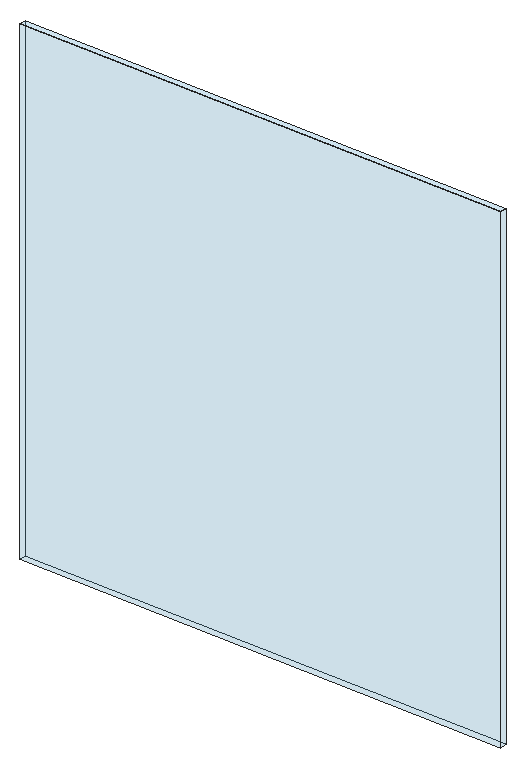
Revit family
Parameters (values of type "72" x 72"")
  Sealant = 0' - 0 3/8"
  Pocket Depth [instance] = 0' - 1"
  Head Height = Sill Height + Rough Height - Sealant  # 8' - 11 5/8"
  Depth [instance] = 0' - 7"
  Sill Height = 3' - 0"
  Rough Width = 6' - 0"
  Rough Height = 6' - 0"
  Model = "T500B-OPG3007"
  Material = ""
  Manufacturer = "Arcadia"
  Sightline = 0' - 3 3/8"
  Height = Rough Height - Sealant - Sealant  # 5' - 11 1/4"
  Wall Closure = (empty or 0)
  Width = Rough Width - Sealant - Sealant  # 5' - 11 1/4"
  Glass Thickness [instance] = 0' - 1"
  Offset to Inside Face of Glass [instance] = 0' - 5 5/16"
  Construction Type = "Aluminum"
  Center of Rough Opening [instance] = Rough Width / 2  # 3' - 0"
  Center of Glass [instance] = Glass Thickness / 2  # 0' - 0 1/2"
  Center Wall to Outside Face [instance] = 0' - 2 7/8"
  Assembly Code = ""
Reference planes (in)
  plane 1 "Center (Front/Back)": y = 0
  plane 2: z = 0
  plane 3 "Center (Left/Right)": x = 12
  plane 4 "Rough Opening Bottom": z = 36
  plane 5 "Rough Opening Top": z = 108
  plane 6 "Exterior Face": y = -2.25
  plane 7 "Frame Top": z = 104.625
  plane 8 "Frame Bottom": z = 39.375
  plane 9 "Rough Opening Left": x = -24
  plane 10 "Rough Opening Right": x = 48
  plane 11 "Frame Left": x = -20.625
  plane 12 "Frame Right": x = 44.625
  plane 13 "Exterior Glass Edge": y = -3.7467
  plane 14 "Interior Glass Edge": y = -4.7467
  plane 15 "Glass Centerline": y = -4.2467
  plane 16 "Frame Outside": y = -3.07606
  plane 17 "Frame Inside": y = -10.0592
  plane 18: z = 105.625
  plane 19: z = 38.375
  plane 20: x = 45.625
  plane 21: x = -21.625
  plane 22: x = 47.625
  plane 23: x = -23.625
  plane 24: z = 107.625
  plane 25: z = 36.375
Forms (in)
  Extrusion 1, solid, material "Anodize Arcadia AC2 Clear #11", detail levels coarse
    sketch origin (0, 0, 36) x (0, -1, 0) y (1, 0, 0)
      loop
        line (3.07606, -24) -> (10.0592, -24) -> (10.0592, -20.625) -> (4.7467, -20.625) -> (4.7467, -21.625) -> (3.7467, -21.625) -> (3.7467, -20.625) -> (3.07606, -20.625) -> (3.07606, -24)
    from 0 to 72 <- "Rough Height"
  Extrusion 2, solid, material "Anodize Arcadia AC2 Clear #11", detail levels coarse
    sketch origin (0, 0, 36) x (0, -1, 0) y (1, 0, 0)
      loop
        line (3.07606, 44.625) -> (3.7467, 44.625) -> (3.7467, 45.625) -> (4.7467, 45.625) -> (4.7467, 44.625) -> (10.0592, 44.625) -> (10.0592, 48) -> (3.07606, 48) -> (3.07606, 44.625)
    from 0 to 72 <- "Rough Height"
  Extrusion 3, solid, material "Glass"
    sketch origin (-0.5, 0, 36) x (0, -1, 0) y (1, 0, 0)
      loop
        line (3.7467, -21.125) -> (4.7467, -21.125) -> (4.7467, 46.125) -> (3.7467, 46.125) -> (3.7467, -21.125)
    from 2.375 to 69.625
  Extrusion 4, solid, material "Anodize Arcadia AC2 Clear #11", detail levels coarse
    sketch origin (-24, 0, 0) x (0, 1, 0) y (0, 0, 1)
      loop
        line (-10.0592, 108) -> (-10.0592, 104.625) -> (-4.7467, 104.625) -> (-4.7467, 105.625) -> (-3.7467, 105.625) -> (-3.7467, 104.625) -> (-3.07606, 104.625) -> (-3.07606, 108) -> (-10.0592, 108)
    from 0 to 72 <- "Rough Width"
  Extrusion 5, solid, material "Anodize Arcadia AC2 Clear #11", detail levels coarse
    sketch origin (-24, 0, 0) x (0, 1, 0) y (0, 0, 1)
      loop
        line (-3.07606, 39.375) -> (-3.7467, 39.375) -> (-3.7467, 38.375) -> (-4.7467, 38.375) -> (-4.7467, 39.375) -> (-10.0592, 39.375) -> (-10.0592, 36) -> (-3.07606, 36) -> (-3.07606, 39.375)
    from 0 to 72 <- "Rough Width"
  Extrusion 6, void
    sketch origin (0, 0, 36) x (0, -1, 0) y (1, 0, 0)
      loop
        line (10.25, -24) -> (10.25, 48) -> (2.25, 48) -> (2.25, -24) -> (10.25, -24)
    from 0 to 72 <- "Rough Height"
Lines and regions (in)
  symbolic lines, detail levels coarse
    curve 1: line (-24, -3.07606, 0) -> (-20.625, -3.07606, 0)
    curve 2: line (-20.625, -3.07606, 0) -> (-20.625, -3.7467, 0)
    curve 3: line (45.625, -3.7467, 0) -> (-21.625, -3.7467, 0)
    curve 4: line (-21.625, -3.7467, 0) -> (-21.625, -4.7467, 0)
    curve 5: line (-21.625, -4.7467, 0) -> (45.625, -4.7467, 0)
    curve 6: line (-20.625, -4.7467, 0) -> (-20.625, -10.0592, 0)
    curve 7: line (-20.625, -10.0592, 0) -> (-24, -10.0592, 0)
    curve 8: line (-24, -10.0592, 0) -> (-24, -3.07606, 0)
    curve 9: line (48, -3.07606, 0) -> (44.625, -3.07606, 0)
    curve 10: line (44.625, -3.07606, 0) -> (44.625, -3.7467, 0)
    curve 11: line (45.625, -3.7467, 0) -> (45.625, -4.7467, 0)
    curve 12: line (44.625, -4.7467, 0) -> (44.625, -10.0592, 0)
    curve 13: line (44.625, -10.0592, 0) -> (48, -10.0592, 0)
    curve 14: line (48, -10.0592, 0) -> (48, -3.07606, 0)
Text (in)
  text "EXTERIOR" at (-58.6888, 50.90694, 0), in view "Ref. Level"
  text "INTERIOR" at (-58.6888, -37.76638, 0), in view "Ref. Level"
  text "Exterior" at (0, 43.65631, 123.19604), in view "Left"
  text "Exterior" at (0, 18.29385, 125.04747), in view "Right"
Dimensions and locks (in)
  "Rough Height": plane 4 "Rough Opening Bottom" to plane 5 "Rough Opening Top"
  "Sill Height": plane 2 to plane 4 "Rough Opening Bottom"
  "Sightline": plane 7 "Frame Top" to plane 5 "Rough Opening Top"
  "Sightline": plane 4 "Rough Opening Bottom" to plane 8 "Frame Bottom"
  "Rough Width": plane 9 "Rough Opening Left" to plane 10 "Rough Opening Right"
  "Sightline": plane 9 "Rough Opening Left" to plane 11 "Frame Left"
  "Sightline": plane 12 "Frame Right" to plane 10 "Rough Opening Right"
  plane 17 "Frame Inside" to plane 16 "Frame Outside" = 0' - 6.98314"
  "Glass Thickness": plane 13 "Exterior Glass Edge" to plane 14 "Interior Glass Edge"
  "Center of Glass": plane 15 "Glass Centerline" to plane 14 "Interior Glass Edge"
  "Center of Rough Opening": plane 9 "Rough Opening Left" to plane 3 "Center (Left/Right)"
  "Offset to Inside Face of Glass": plane 17 "Frame Inside" to plane 14 "Interior Glass Edge"
  "Pocket Depth": plane 12 "Frame Right" to plane 20
  "Pocket Depth": plane 21 to plane 11 "Frame Left"
  "Pocket Depth": plane 7 "Frame Top" to plane 18
  "Pocket Depth": plane 19 to plane 8 "Frame Bottom"
  "Sealant": plane 22 to plane 10 "Rough Opening Right"
  "Sealant": plane 9 "Rough Opening Left" to plane 23
  "Sealant": plane 4 "Rough Opening Bottom" to plane 25
  "Sealant": plane 24 to plane 5 "Rough Opening Top"
  aligned and locked: plane 6 "Exterior Face" to host wall
  aligned and locked: Extrusion 1 sketch curve to plane 17 "Frame Inside"
  aligned and locked: plane 16 "Frame Outside" to Extrusion 1 sketch curve
  aligned and locked: Extrusion 1 sketch curve to plane 11 "Frame Left"
  aligned and locked: plane 9 "Rough Opening Left" to Extrusion 1 sketch curve
  aligned and locked: plane 12 "Frame Right" to Extrusion 2 sketch curve
  aligned and locked: Extrusion 2 sketch curve to plane 10 "Rough Opening Right"
  aligned and locked: Extrusion 2 sketch curve to plane 17 "Frame Inside"
  aligned and locked: plane 16 "Frame Outside" to Extrusion 2 sketch curve
  aligned and locked: Extrusion 3 sketch curve to plane 13 "Exterior Glass Edge"
  aligned and locked: plane 14 "Interior Glass Edge" to Extrusion 3 sketch curve
  aligned and locked: plane 5 "Rough Opening Top" to Extrusion 4 sketch curve
  aligned and locked: Extrusion 4 sketch curve to plane 7 "Frame Top"
  aligned and locked: Extrusion 4 sketch curve to plane 17 "Frame Inside"
  aligned and locked: plane 16 "Frame Outside" to Extrusion 4 sketch curve
  aligned and locked: Extrusion 5 sketch curve to plane 4 "Rough Opening Bottom"
  aligned and locked: plane 8 "Frame Bottom" to Extrusion 5 sketch curve
  aligned and locked: Extrusion 5 sketch curve to plane 17 "Frame Inside"
  aligned and locked: plane 16 "Frame Outside" to Extrusion 5 sketch curve
  aligned and locked: plane 4 "Rough Opening Bottom" to nested 3
  aligned and locked: nested 2 to plane 5 "Rough Opening Top"
  aligned and locked: plane 19 to Extrusion 3
  aligned and locked: Extrusion 3 to plane 18
  aligned and locked: plane 17 "Frame Inside" to nested 3
  aligned and locked: nested 1 to plane 16 "Frame Outside"
  aligned and locked: plane 10 "Rough Opening Right" to nested 1
  aligned and locked: nested 4 to plane 9 "Rough Opening Left"
  aligned and locked: plane 17 "Frame Inside" to nested 4
  aligned and locked: plane 13 "Exterior Glass Edge" to Extrusion 5 sketch curve
  aligned and locked: Extrusion 5 sketch curve to plane 14 "Interior Glass Edge"
  aligned and locked: plane 19 to Extrusion 5 sketch curve
  aligned and locked: Extrusion 4 sketch curve to plane 13 "Exterior Glass Edge"
  aligned and locked: plane 18 to Extrusion 4 sketch curve
  aligned and locked: plane 14 "Interior Glass Edge" to Extrusion 4 sketch curve
  aligned and locked: plane 14 "Interior Glass Edge" to Extrusion 2 sketch curve
  aligned and locked: Extrusion 2 sketch curve to plane 20
  aligned and locked: Extrusion 2 sketch curve to plane 13 "Exterior Glass Edge"
  aligned and locked: Extrusion 1 sketch curve to plane 14 "Interior Glass Edge"
  aligned and locked: Extrusion 1 sketch curve to plane 21
  aligned and locked: plane 13 "Exterior Glass Edge" to Extrusion 1 sketch curve
  aligned and locked: plane 16 "Frame Outside" to curve 1
  aligned and locked: plane 9 "Rough Opening Left" to curve 8
  aligned and locked: curve 2 to plane 11 "Frame Left"
  aligned and locked: curve 6 to plane 11 "Frame Left"
  aligned and locked: curve 4 to plane 21
  aligned and locked: curve 7 to plane 17 "Frame Inside"
  aligned and locked: curve 5 to plane 14 "Interior Glass Edge"
  aligned and locked: plane 13 "Exterior Glass Edge" to curve 3
  aligned and locked: curve 10 to plane 12 "Frame Right"
  aligned and locked: curve 12 to plane 12 "Frame Right"
  aligned and locked: curve 11 to plane 20
  aligned and locked: plane 10 "Rough Opening Right" to curve 14
  aligned and locked: curve 9 to plane 16 "Frame Outside"
  aligned and locked: plane 17 "Frame Inside" to curve 13
  aligned and locked: nested 2 to plane 16 "Frame Outside"
  aligned and locked: level to plane 2
  aligned and locked: plane 9 "Rough Opening Left" to Extrusion 6 sketch curve
  aligned and locked: Extrusion 6 sketch curve to host wall
  aligned and locked: plane 6 "Exterior Face" to Extrusion 6 sketch curve
  aligned and locked: Extrusion 6 sketch curve to plane 10 "Rough Opening Right"
  aligned and locked: import instance to plane 16 "Frame Outside"  (x2)
  aligned and locked: plane 9 "Rough Opening Left" to import instance
  aligned and locked: plane 16 "Frame Outside" to import instance  (x2)
  aligned and locked: plane 10 "Rough Opening Right" to import instance
  aligned and locked: import instance to plane 5 "Rough Opening Top"
  aligned and locked: import instance to plane 4 "Rough Opening Bottom"
Automatic sketch dimensions
  Extrusion 3 sketch curve to plane 21 = 0' - 0"
  Extrusion 3 sketch curve to plane 20 = 0' - 0"
  Extrusion 5 sketch curve to plane 8 "Frame Bottom" = 0' - 0"
  Extrusion 4 sketch curve to plane 7 "Frame Top" = 0' - 0"
  Extrusion 2 sketch curve to plane 12 "Frame Right" = 0' - 0"
  Extrusion 1 sketch curve to plane 11 "Frame Left" = 0' - 0"
Nested families (in)
  nested 1: "Window-Arcadia-T500B-OPG3007-Med-Jamb-R" at (46.9375, -4.26356, 0) x (-1, 0, 0) z (0, 0, 1), type "Window-Arcadia-T500B-OPG3007-Med-Jamb-R", detail levels medium
    with Sightline 0' - 3 3/8", Pocket Depth 0' - 1", Offset to Inside Face of Glass 0' - 5 5/16", Glass Width 0' - 1", Frame Wall Thickness 0' - 0 3/32", Depth 0' - 7", Center of Glass 0' - 0 1/2"
  nested 2: "Window-Arcadia-T500B-OPG3007-Med-Head" at (33.875, -4.26356, 108) x (0, -1, 0) z (1, 0, 0), type "Window-Arcadia-T500B-OPG3007-Med-Head", detail levels medium
    with Sightline 0' - 3 3/8", Pocket Depth 0' - 1", Offset to Inside Face of Glass 0' - 5 5/16", Glass Width 0' - 1", Frame Wall Thickness 0' - 0 3/32", Depth 0' - 7", Center of Glass 0' - 0 1/2"
  nested 3: "Window-Arcadia-T500B-OPG3007-Med-Sill" at (33.875, -4.2467, 36) x (0, -1, 0) z (1, 0, 0), type "Window-Arcadia-T500B-OPG3007-Med-Sill", detail levels medium
    with Sightline 0' - 3 3/8", Pocket Depth 0' - 1", Offset to Inside Face of Glass 0' - 5 5/16", Glass Width 0' - 1", Frame Wall Thickness 0' - 0 3/32", Depth 0' - 7", Center of Glass 0' - 0 1/2"
  nested 4: "Window-Arcadia-T500B-OPG3007-Med-Jamb-L" at (-22.9375, -4.2467, 0) x (-1, 0, 0) z (0, 0, 1), type "Window-Arcadia-T500B-OPG3007-Med-Jamb-L", detail levels medium
    with Sightline 0' - 3 3/8", Pocket Depth 0' - 1", Offset to Inside Face of Glass 0' - 5 5/16", Glass Width 0' - 1", Frame Wall Thickness 0' - 0 3/32", Depth 0' - 7", Center of Glass 0' - 0 1/2"
Definition of nested family "Window-Arcadia-T500B-OPG3007-Med-Jamb-R"
  Parameters (values of type "Window-Arcadia-TC670-Med-Jamb-R")
    Depth [instance] = 0' - 6"
    Pocket Depth [instance] = 0' - 0 3/4"
    Offset to Inside Face of Glass [instance] = 0' - 4"
    Glass Width [instance] = 0' - 1"
    Sightline [instance] = 0' - 2 5/8"
    Center of Glass [instance] = Glass Width / 2  # 0' - 0 1/2"
    Frame Wall Thickness [instance] = 0' - 0 3/32"
    Assembly Code = ""
  Reference planes (in)
    plane 1 "Center (Front/Back)": y = 0
    plane 2: z = 0
    plane 3: x = 1.5625
    plane 4 "back": x = -1.0625
    plane 5: y = 4.5
    plane 6: y = -1.5
    plane 7 "Inside Face of Glass": y = 0.5
    plane 8: y = -0.5
    plane 9: x = 0.8125
  Lines and regions (in)
    detail lines, in view "Ref. Level", detail levels medium
      curve 1: line (-1.0625, 4.5, 0) -> (-1.0625, -1.5, 0)
      curve 2: line (-1.0625, -1.5, 0) -> (1.5625, -1.5, 0)
      curve 3: line (1.5625, -1.5, 0) -> (1.5625, -0.5, 0)
      curve 4: line (1.5625, -0.5, 0) -> (0.8125, -0.5, 0)
      curve 5: line (0.8125, -0.5, 0) -> (0.8125, 0.5, 0)
      curve 6: line (0.8125, 0.5, 0) -> (1.5625, 0.5, 0)
      curve 7: line (1.5625, 0.5, 0) -> (1.5625, 4.5, 0)
      curve 8: line (1.5625, 4.5, 0) -> (-1.0625, 4.5, 0)
      curve 9: line (1.46875, 4.40625, 0) -> (-0.96875, 4.40625, 0)
      curve 10: line (-0.96875, 4.40625, 0) -> (-0.96875, -1.40625, 0)
      curve 11: line (-0.96875, -1.40625, 0) -> (1.46875, -1.40625, 0)
      curve 12: line (1.46875, -1.40625, 0) -> (1.46875, -0.59375, 0)
      curve 13: line (1.46875, -0.59375, 0) -> (0.71875, -0.59375, 0)
      curve 14: line (0.71875, -0.59375, 0) -> (0.71875, 0.59375, 0)
      curve 15: line (0.71875, 0.59375, 0) -> (1.46875, 0.59375, 0)
      curve 16: line (1.46875, 0.59375, 0) -> (1.46875, 4.40625, 0)
      curve 17: line (1.5625, 4.5, 0) -> (-1.0625, 4.5, 0)
      curve 18: line (-1.0625, 4.40625, 0) -> (-1.0625, -1.5, 0)
  Dimensions and locks (in)
    "Sightline": plane 4 "back" to plane 3
    "Depth": plane 5 to plane 6
    "Center of Glass": plane 1 "Center (Front/Back)" to plane 7 "Inside Face of Glass"
    "Glass Width": plane 8 to plane 7 "Inside Face of Glass"
    "Pocket Depth": plane 9 to plane 3
    "Offset to Inside Face of Glass": plane 5 to plane 7 "Inside Face of Glass"
    "Frame Wall Thickness": plane 5 to curve 9
    "Frame Wall Thickness": plane 4 "back" to curve 10
    "Frame Wall Thickness": curve 11 to plane 6
    "Frame Wall Thickness": curve 12 to plane 3
    "Frame Wall Thickness": curve 13 to plane 8
    "Frame Wall Thickness": plane 7 "Inside Face of Glass" to curve 15
    "Frame Wall Thickness": curve 14 to plane 9
    "Frame Wall Thickness": curve 16 to plane 3
    aligned and locked: plane 5 to curve 8
    aligned and locked: curve 1 to plane 4 "back"
    aligned and locked: curve 2 to plane 6
    aligned and locked: plane 3 to curve 3
    aligned and locked: curve 4 to plane 8
    aligned and locked: plane 9 to curve 5
    aligned and locked: plane 7 "Inside Face of Glass" to curve 6
    aligned and locked: plane 3 to curve 7
  Automatic sketch dimensions
    curve 18 to curve 9 = 0' - 0"
Definition of nested family "Window-Arcadia-T500B-OPG3007-Med-Head"
  Parameters (values of type "Window-Arcadia-A400-Med-Head")
    Depth [instance] = 0' - 6"
    Pocket Depth [instance] = 0' - 0 1/2"
    Offset to Inside Face of Glass [instance] = 0' - 4"
    Glass Width [instance] = 0' - 1"
    Sightline [instance] = 0' - 2 5/8"
    Center of Glass [instance] = Glass Width / 2  # 0' - 0 1/2"
    Frame Wall Thickness [instance] = 0' - 0 3/32"
    Assembly Code = ""
  Reference planes (in)
    plane 1 "Center (Front/Back)": y = 0
    plane 2: z = 0
    plane 3 "Center (Left/Right)": x = 0
    plane 4: x = -0.5
    plane 5 "Inside Face of Glass": x = 0.5
    plane 6: y = -2.625
    plane 7: x = 4.5
    plane 8: x = -1.5
    plane 9: y = -2.125
  Lines and regions (in)
    detail lines, in view "Ref. Level", detail levels medium
      curve 1: line (-1.5, 0, 0) -> (-1.5, -2.625, 0)
      curve 2: line (-1.5, -2.625, 0) -> (-0.5, -2.625, 0)
      curve 3: line (-0.5, -2.625, 0) -> (-0.5, -2.125, 0)
      curve 4: line (-0.5, -2.125, 0) -> (0.5, -2.125, 0)
      curve 5: line (0.5, -2.125, 0) -> (0.5, -2.625, 0)
      curve 6: line (0.5, -2.625, 0) -> (4.5, -2.625, 0)
      curve 7: line (4.5, -2.625, 0) -> (4.5, 0, 0)
      curve 8: line (4.5, 0, 0) -> (-1.5, 0, 0)
      curve 9: line (-1.40625, -0.09375, 0) -> (-1.40625, -2.53125, 0)
      curve 10: line (4.40625, -0.09375, 0) -> (-1.40625, -0.09375, 0)
      curve 11: line (4.40625, -2.53125, 0) -> (4.40625, -0.09375, 0)
      curve 12: line (0.59375, -2.53125, 0) -> (4.40625, -2.53125, 0)
      curve 13: line (-1.40625, -2.53125, 0) -> (-0.59375, -2.53125, 0)
      curve 14: line (-0.59375, -2.53125, 0) -> (-0.59375, -2.03125, 0)
      curve 15: line (-0.59375, -2.03125, 0) -> (0.59375, -2.03125, 0)
      curve 16: line (0.59375, -2.03125, 0) -> (0.59375, -2.53125, 0)
  Dimensions and locks (in)
    "Sightline": plane 6 to plane 1 "Center (Front/Back)"
    "Depth": plane 8 to plane 7
    "Pocket Depth": plane 6 to plane 9
    "Offset to Inside Face of Glass": plane 5 "Inside Face of Glass" to plane 7
    "Glass Width": plane 4 to plane 5 "Inside Face of Glass"
    "Center of Glass": plane 3 "Center (Left/Right)" to plane 5 "Inside Face of Glass"
    "Frame Wall Thickness": plane 8 to curve 9
    "Frame Wall Thickness": curve 10 to plane 1 "Center (Front/Back)"
    "Frame Wall Thickness": curve 11 to plane 7
    "Frame Wall Thickness": plane 6 to curve 12
    "Frame Wall Thickness": plane 6 to curve 13
    "Frame Wall Thickness": plane 9 to curve 15
    "Frame Wall Thickness": plane 5 "Inside Face of Glass" to curve 16
    "Frame Wall Thickness": curve 14 to plane 4
    aligned and locked: curve 8 to plane 1 "Center (Front/Back)"
    aligned and locked: plane 7 to curve 7
    aligned and locked: curve 1 to plane 8
    aligned and locked: plane 9 to curve 4
    aligned and locked: plane 4 to curve 3
    aligned and locked: plane 6 to curve 2
    aligned and locked: plane 6 to curve 6
  Automatic sketch dimensions
    curve 5 to plane 5 "Inside Face of Glass" = 0' - 0"
Definition of nested family "Window-Arcadia-T500B-OPG3007-Med-Sill"
  Parameters (values of type "Window-Arcadia-A400-Med-Sill")
    Depth [instance] = 0' - 6"
    Pocket Depth [instance] = 0' - 0 1/2"
    Offset to Inside Face of Glass [instance] = 0' - 4"
    Glass Width [instance] = 0' - 1"
    Sightline [instance] = 0' - 2 5/8"
    Center of Glass [instance] = Glass Width / 2  # 0' - 0 1/2"
    Frame Wall Thickness [instance] = 0' - 0 3/32"
    Assembly Code = ""
  Reference planes (in)
    plane 1 "Center (Front/Back)": y = 0
    plane 2: z = 0
    plane 3 "Center (Left/Right)": x = 0
    plane 4: x = -0.5
    plane 5 "Inside Face of Glass": x = 0.5
    plane 6: y = 2.625
    plane 7: x = 4.5
    plane 8: x = -1.5
    plane 9: y = 2.125
  Lines and regions (in)
    detail lines, in view "Ref. Level", detail levels medium
      curve 1: line (-1.5, 2.625, 0) -> (-1.5, 0, 0)
      curve 2: line (-1.5, 0, 0) -> (4.5, 0, 0)
      curve 3: line (4.5, 0, 0) -> (4.5, 2.625, 0)
      curve 4: line (4.5, 2.625, 0) -> (0.5, 2.625, 0)
      curve 5: line (0.5, 2.625, 0) -> (0.5, 2.125, 0)
      curve 6: line (0.5, 2.125, 0) -> (-0.5, 2.125, 0)
      curve 7: line (-0.5, 2.125, 0) -> (-0.5, 2.625, 0)
      curve 8: line (-0.5, 2.625, 0) -> (-1.5, 2.625, 0)
      curve 9: line (-0.59375, 2.53125, 0) -> (-1.40625, 2.53125, 0)
      curve 10: line (-1.40625, 2.53125, 0) -> (-1.40625, 0.09375, 0)
      curve 11: line (-1.40625, 0.09375, 0) -> (4.40625, 0.09375, 0)
      curve 12: line (4.40625, 0.09375, 0) -> (4.40625, 2.53125, 0)
      curve 13: line (4.40625, 2.53125, 0) -> (0.59375, 2.53125, 0)
      curve 14: line (0.59375, 2.53125, 0) -> (0.59375, 2.03125, 0)
      curve 15: line (0.59375, 2.03125, 0) -> (-0.59375, 2.03125, 0)
      curve 16: line (-0.59375, 2.03125, 0) -> (-0.59375, 2.53125, 0)
  Dimensions and locks (in)
    "Pocket Depth": plane 9 to plane 6
    "Sightline": plane 1 "Center (Front/Back)" to plane 6
    "Depth": plane 8 to plane 7
    "Offset to Inside Face of Glass": plane 5 "Inside Face of Glass" to plane 7
    "Glass Width": plane 4 to plane 5 "Inside Face of Glass"
    "Center of Glass": plane 3 "Center (Left/Right)" to plane 5 "Inside Face of Glass"
    "Frame Wall Thickness": curve 9 to plane 6
    "Frame Wall Thickness": plane 8 to curve 10
    "Frame Wall Thickness": plane 1 "Center (Front/Back)" to curve 11
    "Frame Wall Thickness": curve 12 to plane 7
    "Frame Wall Thickness": curve 13 to plane 6
    "Frame Wall Thickness": plane 5 "Inside Face of Glass" to curve 14
    "Frame Wall Thickness": curve 15 to plane 9
    "Frame Wall Thickness": curve 16 to plane 4
    aligned and locked: plane 1 "Center (Front/Back)" to curve 2
    aligned and locked: plane 7 to curve 3
    aligned and locked: curve 1 to plane 8
    aligned and locked: curve 8 to plane 6
    aligned and locked: curve 4 to plane 6
    aligned and locked: curve 6 to plane 9
    aligned and locked: curve 5 to plane 5 "Inside Face of Glass"
    aligned and locked: plane 4 to curve 7
  Automatic sketch dimensions
    curve 7 to plane 9 = 0' - 0"
Definition of nested family "Window-Arcadia-T500B-OPG3007-Med-Jamb-L"
  Parameters (values of type "Window-Arcadia-TC670-Med-Jamb-L")
    Depth [instance] = 0' - 6"
    Pocket Depth [instance] = 0' - 0 1/2"
    Offset to Inside Face of Glass [instance] = 0' - 4"
    Glass Width [instance] = 0' - 1"
    Sightline [instance] = 0' - 2 1/8"
    Center of Glass [instance] = Glass Width / 2  # 0' - 0 1/2"
    Frame Wall Thickness [instance] = 0' - 0 3/32"
    Assembly Code = ""
  Reference planes (in)
    plane 1 "Center (Front/Back)": y = 0
    plane 2: z = 0
    plane 3 "BACK": x = 1.0625
    plane 4 "FRONT": x = -1.0625
    plane 5: y = 1.5
    plane 6: y = -4.5
    plane 7 "Inside Face of Glass": y = 0.5
    plane 8: y = -0.5
    plane 9: x = -0.5625
  Lines and regions (in)
    detail lines, in view "Ref. Level", detail levels medium
      curve 1: line (1.0625, 1.5, 0) -> (1.0625, -4.5, 0)
      curve 2: line (1.0625, -4.5, 0) -> (-1.0625, -4.5, 0)
      curve 3: line (-1.0625, -4.5, 0) -> (-1.0625, -0.5, 0)
      curve 4: line (-1.0625, -0.5, 0) -> (-0.5625, -0.5, 0)
      curve 5: line (-0.5625, -0.5, 0) -> (-0.5625, 0.5, 0)
      curve 6: line (-0.5625, 0.5, 0) -> (-1.0625, 0.5, 0)
      curve 7: line (-1.0625, 0.5, 0) -> (-1.0625, 1.5, 0)
      curve 8: line (-1.0625, 1.5, 0) -> (1.0625, 1.5, 0)
      curve 9: line (-0.96875, 1.40625, 0) -> (0.96875, 1.40625, 0)
      curve 10: line (-0.96875, 0.59375, 0) -> (-0.96875, 1.40625, 0)
      curve 11: line (-0.46875, 0.59375, 0) -> (-0.96875, 0.59375, 0)
      curve 12: line (-0.46875, -0.59375, 0) -> (-0.46875, 0.59375, 0)
      curve 13: line (-0.96875, -0.59375, 0) -> (-0.46875, -0.59375, 0)
      curve 14: line (-0.96875, -4.40625, 0) -> (-0.96875, -0.59375, 0)
      curve 15: line (0.96875, -4.40625, 0) -> (-0.96875, -4.40625, 0)
      curve 16: line (0.96875, 1.40625, 0) -> (0.96875, -4.40625, 0)
  Dimensions and locks (in)
    "Depth": plane 5 to plane 6
    "Pocket Depth": plane 4 "FRONT" to plane 9
    "Sightline": plane 4 "FRONT" to plane 3 "BACK"
    "Glass Width": plane 8 to plane 7 "Inside Face of Glass"
    "Center of Glass": plane 1 "Center (Front/Back)" to plane 7 "Inside Face of Glass"
    "Frame Wall Thickness": plane 4 "FRONT" to curve 10
    "Frame Wall Thickness": plane 5 to curve 9
    "Frame Wall Thickness": curve 15 to plane 6
    "Frame Wall Thickness": curve 13 to plane 8
    "Frame Wall Thickness": plane 9 to curve 12
    "Frame Wall Thickness": plane 7 "Inside Face of Glass" to curve 11
    "Frame Wall Thickness": plane 4 "FRONT" to curve 14
    "Offset to Inside Face of Glass": plane 6 to plane 8
    aligned and locked: curve 8 to plane 5
    aligned and locked: curve 1 to plane 3 "BACK"
    aligned and locked: plane 6 to curve 2
    aligned and locked: curve 3 to plane 4 "FRONT"
    aligned and locked: plane 8 to curve 4
    aligned and locked: plane 9 to curve 5
    aligned and locked: curve 6 to plane 7 "Inside Face of Glass"
    aligned and locked: plane 4 "FRONT" to curve 7
  Automatic sketch dimensions
    curve 16 to plane 3 "BACK" = 0' - 0 3/32"
